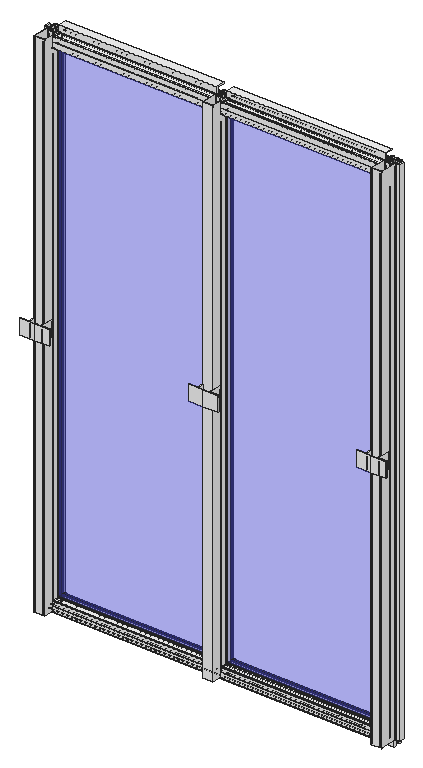
Revit family "Facade_60_Curtain_Wall_I21_Custom", category Windows, host Wall, Revit 2014
Parameters (values of type "F60-I21-Custom")
  Windload Design [instance] = if(Custom Windload < 1001 mm, 1000 mm, if(Custom Windload < 1501 mm, 1500 mm, 2000 mm))  # 1000 mm
  Width [instance] = if(Custom Curtain Wall Width < Limit Door Width Min, Limit Door Width Min, if(Custom Curtain Wall Width > Limit Door Width Max, Limit Door Width Max, Custom Curtain Wall Width))  # 2000 mm
  Wall Thickness [instance] = 200 mm
  Vertical Profile Length [instance] = Height - Frame Bottom Gap  # 2970 mm
  URL = "http://www.crealco.co.za/crealco-products.php"
  Type Comments = ""
  Top Profile Overhang = 5.9 mm  # constant formula
  Thermal Resistance (R) [instance] = if(IGDB or SAGDB Number = 100100, 1.0000 (m²·K)/W / Intruderprufe U Value, if(IGDB or SAGDB Number = 100100, 1.0000 (m²·K)/W / Intruderprufe U Value, if(IGDB or SAGDB Number = 105003, 1.0000 (m²·K)/W / Intruderprufe Insulated U Value, if(IGDB or SAGDB Number = 105004, 1.0000 (m²·K)/W / Intruderprufe Insulated LowE U Value, 1.0000 (m²·K)/W / 7.9)))) * 1  # 0.126582 (m²·K)/W
  Thermal Break Material = Plastic, Opaque Black
  Solar Heat Gain Coefficient [instance] = if(IGDB or SAGDB Number = 100100, Intruderprufe SHGC Value, if(IGDB or SAGDB Number = 103200, Intruderprufe LowE SHGC Value, if(IGDB or SAGDB Number = 105003, Intruderprufe Insulated SHGC Value, if(IGDB or SAGDB Number = 105004, Intruderprufe Insulated LowE SHGC Value, 0))))  # 0
  Single Glazing [instance] = if(DG Forced, 1 = 0, not(Double Glazing))  # no
  Sill Height = 85 mm  # constant formula
  SG Forced [instance] = not(DG Forced)  # no
  Quarter Expansion Break = no
  Overall Width [instance] = 2000 mm
  Overall Height [instance] = 3000 mm
  Mullion Side Gap [instance] = (Width / 2) - 30 mm  # 970 mm
  Mullion Configuration [instance] = if(Windload Design = 1000 mm, if(not(Height > 4990 mm), 1 mm, 2 mm), if(Windload Design = 1500 mm, if(not(Height > 4990 mm), if(Width > 2990 mm, 2 mm, 1 mm), 3 mm), if(not(Height > 4990 mm), if(Width > 1790 mm, 2 mm, 1 mm), 3 mm)))  # 1 mm
  Model = "Facade 60"
  Max System DG Unit Thickness = 25 mm  # constant formula
  Max System DG One Piece Thickness [instance] = rounddown((Max System DG Unit Thickness - DG Gasket Thickness) / 2 mm) * 1 mm  # 6 mm
  Max Pane Area [instance] = Glazing Width * Glazing Height  # 2.74704 m²
  Manufacturer = "Crealco"
  Limit Door Width Min = (2 * Limit Panel Width Min) + (2 * Glazing Side Gap) + 19.6 mm  # 699.2 mm
  Limit Door Width Max = (2 * Limit Panel Width Max) + (2 * Glazing Side Gap) + 19.6 mm  # 6099.2 mm
  Limit Door Height Min = Limit Panel Height Min + Glazing Top Gap + Glazing Bottom Gap  # 409.6 mm
  Limit Door Height Max = Limit Panel Height Max + Glazing Top Gap + Glazing Bottom Gap  # 6109.6 mm
  Limit Panel Width Min = 300 mm  # constant formula
  Limit Panel Width Max = 3000 mm  # constant formula
  Limit Panel Height Min = 300 mm  # constant formula
  Limit Panel Height Max = 6000 mm  # constant formula
  Sill Length [instance] = Width  # 2000 mm
  Length Sill [instance] = Width  # 2000 mm
  Keynote = ""
  Jamb Width = 60 mm  # constant formula
  Intruderprufe U Value = 0
  Intruderprufe SHGC Value = 0
  Intruderprufe LowE U Value = 0
  Intruderprufe LowE SHGC Value = 0
  Intruderprufe Insulated U Value = 0
  Intruderprufe Insulated SHGC Value = 0
  Intruderprufe Insulated LowE U Value = 0
  Intruderprufe Insulated LowE SHGC Value = 0
  Horizontal Profile Length [instance] = (Width - (2 * Jamb Width) - 60 mm) / 2  # 910 mm
  Half Expansion Break = no
  Glazing Width [instance] = Horizontal Profile Length + (2 mm * 20.2)  # 950.4 mm
  Glazing Top Gap = 39.8 mm  # constant formula
  Glazing Side Gap = 39.8 mm  # constant formula
  Glazing Height [instance] = Height - Glazing Top Gap - Glazing Bottom Gap  # 2890.4 mm
  Glazing Gap SG [instance] = (14 mm - SG Thickness) / 2  # 3.8 mm
  Glazing Gap DG [instance] = (28 mm - (DG Thickness + DG Thickness + DG Gasket Thickness)) / 2  # 3 mm
  Glazing Bottom Gap = 69.8 mm  # constant formula
  Frame Thickness = 101.8 mm  # constant formula
  Frame Bottom Gap = 30 mm  # constant formula
  Door Leaf Height [instance] = 2050 mm
  Double Glazing [instance] = yes
  DG Thickness Calc [instance] = if(not(Max Pane Area > 1.125 m²), 4 mm, if(not(Max Pane Area > 2.25 m²), 4 mm, if(not(Max Pane Area > 3.15 m²), 5 mm, if(not(Max Pane Area > 4.35 m²), 6 mm, if(not(Max Pane Area > 6.45 m²), 8 mm, 10 mm)))))  # 5 mm
  DG Thickness [instance] = if(IGDB or SAGDB Number = 105003, 6 mm, if(IGDB or SAGDB Number = 105004, 7 mm, if(DG Thickness Calc > Max System DG One Piece Thickness, Max System DG One Piece Thickness, DG Thickness Calc)))  # 5 mm
  DG Gasket Thickness = 12 mm  # constant formula
  DG Gasket Finish [instance] = Double Glazing Gasket Material
  DG Forced [instance] = if(IGDB or SAGDB Number = 100100, 1 = 0, if(IGDB or SAGDB Number = 103200, 1 = 0, if(IGDB or SAGDB Number = 105003, 1 = 1, if(IGDB or SAGDB Number = 105004, 1 = 1, Double Glazing))))  # yes
  IGDB or SAGDB Number [instance] = 0
  Height [instance] = if(Custom Curtain Wall Height < Limit Door Height Min, Limit Door Height Min, if(Custom Curtain Wall Height > Limit Door Height Max, Limit Door Height Max, Custom Curtain Wall Height))  # 3000 mm
  Heat Transfer Coefficient (U) [instance] = if(IGDB or SAGDB Number = 100100, Intruderprufe U Value, if(IGDB or SAGDB Number = 103200, Intruderprufe LowE U Value, if(IGDB or SAGDB Number = 105003, Intruderprufe Insulated U Value, if(IGDB or SAGDB Number = 105004, Intruderprufe Insulated LowE U Value, 7.9)))) * 1.0000 W/(m²·K)  # 7.9000 W/(m²·K)
  SG Thickness [instance] = if(IGDB or SAGDB Number = 100100, 6 mm, if(IGDB or SAGDB Number = 103200, 7 mm, if(not(Max Pane Area > 0.75 m²), 4 mm, if(not(Max Pane Area > 1.50 m²), 4 mm, if(not(Max Pane Area > 2.10 m²), 5 mm, if(not(Max Pane Area > 2.90 m²), 6.4 mm, if(not(Max Pane Area > 4.30 m²), 8 mm, 10 mm)))))))  # 6.4 mm
  Glazing Material [instance] = if(IGDB or SAGDB Number = 100100, "PFG INTRUDERPRUFE 6.38mm", if(IGDB or SAGDB Number = 103200, "PFG INTRUDERPRUFE LOW-E 7.38mm", if(IGDB or SAGDB Number = 105003, "PFG 25mm INTRUDERPRUFE INSULATED GLASS", if(IGDB or SAGDB Number = 105004, "PFG 25mm INTRUDERPRUFE INSULATED GLASS LOW-E", "Unknown"))))  # "Unknown"
  Glazing Finish [instance] = Glass
  Glazing Code [instance] = if(IGDB or SAGDB Number = 100100, "LAM01", if(IGDB or SAGDB Number = 103200, "LAM01E", if(IGDB or SAGDB Number = 105003, "IGU25", if(IGDB or SAGDB Number = 105004, "IGU25E", "Unknown"))))  # "Unknown"
  Frame Offset [instance] = if([100mm Mullion], 130 mm, if([160mm Mullion], 160 mm, 190 mm))  # 130 mm
  Description = "Curtain Wall, I21"
  Default Sill Height = 0 mm
  Wall Closure = By host
  Custom Curtain Wall Width [instance] = 2000 mm
  Custom Curtain Wall Height [instance] = 3000 mm
  Custom Windload [instance] = 1000 mm
  Custom Anchor Height [instance] = 0 mm
  Anchor Height [instance] = if(or(Custom Anchor Height < 42.5 mm, Custom Anchor Height > (Height - 42.5 mm)), (Height / 2) - 42.5 mm, Custom Anchor Height - 42.5 mm)  # 1457.5 mm
  Aluminium Finish [instance] = White Powder Coated Aluminium ANP 1052
  All Available Glazing Numbers [instance] = "The rows below list the available glazing materials for this window:"  # constant formula
  190mm Mullion [instance] = if(Mullion Configuration = 3 mm, 1 = 1, 1 = 0)  # no
  160mm Mullion [instance] = if(Mullion Configuration = 2 mm, 1 = 1, 1 = 0)  # no
  105004 [instance] = "IGU25E"  # constant formula
  105003 [instance] = "IGU25"  # constant formula
  103200 [instance] = "LAM01E"  # constant formula
  100mm Mullion [instance] = if(or(Mullion Configuration = 2 mm, Mullion Configuration = 3 mm), 1 = 0, 1 = 1)  # yes
  100100 [instance] = "LAM01"  # constant formula
Reference planes
  plane 1 "Center (Front/Back)": y = 0
  plane 2 "Center (Left/Right)": x = 0
  plane 3 "Left": x = -1000
  plane 4 "Right": x = 1000
  plane 5 "Sill": z = 0
  plane 6 "Head": z = 3000
  plane 7 "Exterior": y = 100
  plane 8 "Interior": y = -100
Lines and regions (mm)
  Opening 1
    outline origin (3507.082, -100, 0) x (1, 0, 0) y (0, 0, 1)
      loop
        line (-2507.082, 0) -> (-2507.082, 3000) -> (-4507.082, 3000) -> (-4507.082, 0) -> (-2507.082, 0)
Text (mm)
  text "EXTERIOR" at (-1963.203, 1332.353, 0), in view "Ref. Level"
  text "INTERIOR" at (-1981.466, -818.386, 0), in view "Ref. Level"
  text "Exterior" at (0, 923.751, 2943.296), in view "Right"
  text "Exterior" at (0, 1040.484, 2685.409), in view "Left"
Dimensions and locks
  equal spacing: plane 3 "Left", plane 2 "Center (Left/Right)", plane 4 "Right"
  "Width": plane 3 "Left" to plane 4 "Right"
  "Height": plane 5 "Sill" to plane 6 "Head"
  "Default Sill Height": plane 5 "Sill" to level
  locked: plane 7 "Exterior" to host wall at 0
  locked: plane 8 "Interior" to host wall
  "Overall Height": plane 6 "Head" to plane 5 "Sill"
  "Overall Width": plane 3 "Left" to plane 4 "Right"
  "Wall Thickness": host wall to host wall
  "Jamb Width": nested 3 to plane 4 "Right"
  "Jamb Width": nested 5 to plane 4 "Right"
  "Frame Bottom Gap": nested 5 to level
  "Glazing Side Gap": nested 6 to plane 4 "Right"
  "Glazing Top Gap": nested 6 to plane 6 "Head"
  "Glazing Gap SG": nested 6 to nested 1
  "Glazing Side Gap": nested 7 to plane 4 "Right"
  "Glazing Top Gap": nested 7 to plane 6 "Head"
  "Glazing Gap DG": nested 7 to nested 1
  "Mullion Side Gap": nested 8 to plane 4 "Right"
  "Frame Bottom Gap": nested 8 to level
  "Jamb Width": plane 3 "Left" to nested 10
  "Jamb Width": plane 3 "Left" to nested 9
  "Glazing Side Gap": plane 3 "Left" to nested 11
  "Glazing Side Gap": plane 3 "Left" to nested 12
  "Glazing Gap SG": nested 2 to nested 12
  "Glazing Gap DG": nested 2 to nested 11
  "Glazing Bottom Gap": nested 11 to level
  "Glazing Bottom Gap": nested 12 to level
  "Frame Bottom Gap": nested 9 to level
  "Frame Offset": plane 8 "Interior" to nested 1
  "Anchor Height": nested 13 to level
  "Anchor Height": nested 15 to level
  "Anchor Height": nested 14 to level
  aligned and locked: plane 4 "Right" to nested 1
  aligned and locked: nested 1 to plane 6 "Head"
  aligned and locked: plane 3 "Left" to nested 2
  aligned and locked: plane 6 "Head" to nested 2
  aligned and locked: nested 3 to plane 6 "Head"
  aligned and locked: nested 4 to level
  aligned and locked: plane 4 "Right" to nested 4
  aligned and locked: nested 1 to nested 2
  aligned and locked: nested 5 to nested 4
  aligned and locked: nested 8 to nested 2
  aligned and locked: nested 10 to plane 6 "Head"
  aligned and locked: nested 5 to nested 10
  aligned and locked: nested 5 to nested 9
  aligned and locked: nested 10 to nested 3
  aligned and locked: nested 10 to nested 2
  aligned and locked: nested 1 to nested 14
  aligned and locked: plane 8 "Interior" to nested 14
  aligned and locked: plane 8 "Interior" to nested 15
  aligned and locked: nested 15 to nested 8
  aligned and locked: nested 13 to nested 2
  aligned and locked: plane 8 "Interior" to nested 13
Automatic sketch dimensions
  plane 3 "Left" to Opening 1 sketch curve = 0 mm
  plane 4 "Right" to Opening 1 sketch curve = 0 mm
  Opening 1 sketch curve to plane 5 "Sill" = 0 mm
  Opening 1 sketch curve to plane 6 "Head" = 0 mm
Nested families
  nested 1: "F60 Vertical Profile Side_I21_Cust" at (1000, 35.2, 30) x (-1, 0, 0) z (0, 0, 1), Thermal Break Material <- "Thermal Break Material", Profile Material <- "Aluminium Finish", Length <- "Vertical Profile Length", Single Glazing <- "SG Forced", Double Glazing <- "DG Forced", 100mm Mullion <- "100mm Mullion", 160mm Mullion <- "160mm Mullion", 190mm Mullion <- "190mm Mullion", Quarter Expansion Break <- "Quarter Expansion Break", Half Expansion Break <- "Half Expansion Break", type "F60 Vertical Profile Side_I21_Cust"
    with Thermal Break Material Plastic, Opaque Black, Single Glazing no, Quarter SG Expansion Break no, Quarter Length 742.5 mm, Quarter Expansion Break no, Quarter DG Expansion Break no, Quarter 190mm Expansion Break no, Quarter 160mm Expansion Break no, Quarter 100mm Expansion Break no, Profile Material White Powder Coated Aluminium ANP 1052, Length 2970 mm, Half SG Expansion Break no, Half Length 1485 mm, Half Expansion Break no, Half DG Expansion Break no, Half 190mm Expansion Joint no, Half 160mm Expansion Break no, Half 100mm Expansion Break no, Double Glazing yes, 190mm Mullion no, 160mm Mullion no, 100mm Mullion yes
  nested 2: "F60 Vertical Profile Side_I21_Cust" at (-1000, 35.2, 30), Thermal Break Material <- "Thermal Break Material", Profile Material <- "Aluminium Finish", Length <- "Vertical Profile Length", Single Glazing <- "SG Forced", Double Glazing <- "DG Forced", 100mm Mullion <- "100mm Mullion", 160mm Mullion <- "160mm Mullion", 190mm Mullion <- "190mm Mullion", Quarter Expansion Break <- "Quarter Expansion Break", Half Expansion Break <- "Half Expansion Break", type "F60 Vertical Profile Side_I21_Cust"
    with Thermal Break Material Plastic, Opaque Black, Single Glazing no, Quarter SG Expansion Break no, Quarter Length 742.5 mm, Quarter Expansion Break no, Quarter DG Expansion Break no, Quarter 190mm Expansion Break no, Quarter 160mm Expansion Break no, Quarter 100mm Expansion Break no, Profile Material White Powder Coated Aluminium ANP 1052, Length 2970 mm, Half SG Expansion Break no, Half Length 1485 mm, Half Expansion Break no, Half DG Expansion Break no, Half 190mm Expansion Joint no, Half 160mm Expansion Break no, Half 100mm Expansion Break no, Double Glazing yes, 190mm Mullion no, 160mm Mullion no, 100mm Mullion yes
  nested 3: "F60 Horizontal Profile Top_I21_Cust" at (940, -14.6, 2940) x (-1, 0, 0) z (0, 0, 1), Thermal Break Material <- "Thermal Break Material", Profile Material <- "Aluminium Finish", Length <- "Horizontal Profile Length", Single Glazing <- "SG Forced", Double Glazing <- "DG Forced", type "F60 Horizontal Profile Top_I21_Cust"
    with Thermal Break Material Plastic, Opaque Black, Single Glazing no, Profile Material White Powder Coated Aluminium ANP 1052, Length 910 mm, Double Glazing yes
  nested 4: "F60 Sill_I21_Cust" at (1000, 22.771, -1.88) x (-1, 0, 0) z (0, 0, 1), Profile Material <- "Aluminium Finish", Length Sill <- "Length Sill", type "F60 Sill_I21_Cust"
    with Profile Material White Powder Coated Aluminium ANP 1052, Length Sill 2000 mm
  nested 5: "F60 Horizontal Profile Bottom_I21_Cust" at (940, -14.6, 30) x (-1, 0, 0) z (0, 0, 1), Thermal Break Material <- "Thermal Break Material", Profile Material <- "Aluminium Finish", Length <- "Horizontal Profile Length", Single Glazing <- "SG Forced", Double Glazing <- "DG Forced", type "F60 Horizontal Profile Bottom_I21_Cust"
    with Thermal Break Material Plastic, Opaque Black, Single Glazing no, Profile Material White Powder Coated Aluminium ANP 1052, Length 910 mm, Double Glazing yes
  nested 6: "F60_Single_Glazing_I21_Cust" at (960.2, 45.4, 69.8), Glazing Width <- "Glazing Width", Glazing Height <- "Glazing Height", SG Thickness <- "SG Thickness", Glazing Finish <- "Glazing Finish", visible <- "SG Forced", type "F60_Single_Glazing_I21_Cust"
    with SG Thickness 6.4 mm, Glazing Width 950.4 mm, Glazing Height 2890.4 mm, Glazing Finish Glass
  nested 7: "F60_Double_Glazing_I21_Cust" at (960.2, 60.2, 69.8), Glazing Material <- "Glazing Finish", Double Glazing Gasket Material <- "DG Gasket Finish", Glazing Width <- "Glazing Width", Glazing Height <- "Glazing Height", Glazing Thickness DG <- "DG Thickness", Double Glazing Gasket Thickness <- "DG Gasket Thickness", visible <- "DG Forced", type "F60_Double_Glazing_I21_Cust"
    with Glazing Width 950.4 mm, Glazing Thickness DG 5 mm, Glazing Material Glass, Glazing Height 2890.4 mm, Double Glazing Gasket Thickness 12 mm, Double Glazing Gasket Material Double Glazing Gasket Material
  nested 8: "F60 Vertical Profile Middle_I21_Cust" at (30, 35.2, 30) x (-1, 0, 0) z (0, 0, 1), Thermal Break Material <- "Thermal Break Material", Profile Material <- "Aluminium Finish", Single Glazing <- "SG Forced", Double Glazing <- "DG Forced", 190mm Mullion <- "190mm Mullion", 160mm Mullion <- "160mm Mullion", 100mm Mullion <- "100mm Mullion", Length <- "Vertical Profile Length", Half Expansion Break <- "Half Expansion Break", Quarter Expansion Break <- "Quarter Expansion Break", type "F60 Vertical Profile Middle_I21_Cust"
    with Thermal Break Material Plastic, Opaque Black, Single Glazing no, Quarter SG Expansion Break no, Quarter Length 742.5 mm, Quarter Expansion Break no, Quarter DG Expansion Break no, Quarter 190mm Expansion Break no, Quarter 160mm Expansion Break no, Quarter 100mm Expansion Break no, Profile Material White Powder Coated Aluminium ANP 1052, Length 2970 mm, Half SG Expansion Break no, Half Length 1485 mm, Half Expansion Break no, Half DG Expansion Break no, Half 190mm Expansion Joint no, Half 160mm Expansion Break no, Half 100mm Expansion Break no, Double Glazing yes, 190mm Mullion no, 160mm Mullion no, 100mm Mullion yes
  nested 9: "F60 Horizontal Profile Bottom_I21_Cust" at (-30, -14.6, 30) x (-1, 0, 0) z (0, 0, 1), Thermal Break Material <- "Thermal Break Material", Profile Material <- "Aluminium Finish", Length <- "Horizontal Profile Length", Single Glazing <- "SG Forced", Double Glazing <- "DG Forced", type "F60 Horizontal Profile Bottom_I21_Cust"
    with Thermal Break Material Plastic, Opaque Black, Single Glazing no, Profile Material White Powder Coated Aluminium ANP 1052, Length 910 mm, Double Glazing yes
  nested 10: "F60 Horizontal Profile Top_I21_Cust" at (-30, -14.6, 2940) x (-1, 0, 0) z (0, 0, 1), Thermal Break Material <- "Thermal Break Material", Profile Material <- "Aluminium Finish", Length <- "Horizontal Profile Length", Single Glazing <- "SG Forced", Double Glazing <- "DG Forced", type "F60 Horizontal Profile Top_I21_Cust"
    with Thermal Break Material Plastic, Opaque Black, Single Glazing no, Profile Material White Powder Coated Aluminium ANP 1052, Length 910 mm, Double Glazing yes
  nested 11: "F60_Double_Glazing_I21_Cust" at (-9.8, 60.2, 69.8), Glazing Material <- "Glazing Finish", Double Glazing Gasket Material <- "DG Gasket Finish", Glazing Width <- "Glazing Width", Glazing Height <- "Glazing Height", Glazing Thickness DG <- "DG Thickness", Double Glazing Gasket Thickness <- "DG Gasket Thickness", visible <- "DG Forced", type "F60_Double_Glazing_I21_Cust"
    with Glazing Width 950.4 mm, Glazing Thickness DG 5 mm, Glazing Material Glass, Glazing Height 2890.4 mm, Double Glazing Gasket Thickness 12 mm, Double Glazing Gasket Material Double Glazing Gasket Material
  nested 12: "F60_Single_Glazing_I21_Cust" at (-9.8, 45.4, 69.8), Glazing Width <- "Glazing Width", Glazing Height <- "Glazing Height", SG Thickness <- "SG Thickness", Glazing Finish <- "Glazing Finish", visible <- "SG Forced", type "F60_Single_Glazing_I21_Cust"
    with SG Thickness 6.4 mm, Glazing Width 950.4 mm, Glazing Height 2890.4 mm, Glazing Finish Glass
  nested 13: "F60 Intermediate Anchor_I21_Cust" at (-1077.715, -189.531, 1457.5), Profile Material <- "Aluminium Finish", type "F60 Intermediate Anchor_I21_Cust"
    with Profile Material White Powder Coated Aluminium ANP 1052
  nested 14: "F60 Intermediate Anchor_I21_Cust" at (860.297, -189.531, 1457.5), Profile Material <- "Aluminium Finish", type "F60 Intermediate Anchor_I21_Cust"
    with Profile Material White Powder Coated Aluminium ANP 1052
  nested 15: "F60 Intermediate Anchor_I21_Cust" at (-107.715, -189.531, 1457.5), Profile Material <- "Aluminium Finish", type "F60 Intermediate Anchor_I21_Cust"
    with Profile Material White Powder Coated Aluminium ANP 1052
Definition of nested family "F60 Vertical Profile Side_I21_Cust"
  Parameters (values of type "F60 Vertical Profile Side")
    Quarter SG Expansion Break [instance] = if(and(Quarter Expansion Break, Single Glazing), 1 = 1, 1 = 0)  # yes
    Quarter Length [instance] = Length / 4  # 62.5 mm
    Thermal Break Material [instance] = none
    Single Glazing [instance] = yes
    Quarter Expansion Break [instance] = yes
    Quarter DG Expansion Break [instance] = if(and(Quarter Expansion Break, Double Glazing), 1 = 1, 1 = 0)  # yes
    Quarter 190mm Expansion Break [instance] = if(and(Quarter Expansion Break, [190mm Mullion]), 1 = 1, 1 = 0)  # yes
    Quarter 160mm Expansion Break [instance] = if(and(Quarter Expansion Break, [160mm Mullion]), 1 = 1, 1 = 0)  # yes
    Quarter 100mm Expansion Break [instance] = if(and(Quarter Expansion Break, [100mm Mullion]), 1 = 1, 1 = 0)  # yes
    Profile Material [instance] = none
    Length [instance] = 250 mm
    Half SG Expansion Break [instance] = if(and(Half Expansion Break, Single Glazing), 1 = 1, 1 = 0)  # yes
    Half Length [instance] = Length / 2  # 125 mm
    Half Expansion Break [instance] = yes
    Half DG Expansion Break [instance] = if(and(Half Expansion Break, Double Glazing), 1 = 1, 1 = 0)  # yes
    Half 190mm Expansion Joint [instance] = if(and(Half Expansion Break, [190mm Mullion]), 1 = 1, 1 = 0)  # yes
    Half 160mm Expansion Break [instance] = if(and(Half Expansion Break, [160mm Mullion]), 1 = 1, 1 = 0)  # yes
    Half 100mm Expansion Break [instance] = if(and(Half Expansion Break, [100mm Mullion]), 1 = 1, 1 = 0)  # yes
    Double Glazing [instance] = yes
    190mm Mullion [instance] = yes
    160mm Mullion [instance] = yes
    100mm Mullion [instance] = yes
  Reference planes
    plane 1 "Center (Front/Back)": y = 0
    plane 2: z = 0
    plane 3 "Center (Left/Right)": x = 0
  Forms (mm)
    Extrusion 1, solid, material <- "Profile Material"
      sketch origin (0, 0, 0) x (1, 0, 0) y (0, 1, 0)
        loop
          arc (25.249, -8.7) -> (25.484, -9.266) -> (26.049, -9.5) r 0.8
          line (26.049, -9.5) -> (27.1, -9.5) -> (27.1, 7) -> (32.902, 7) -> (32.902, -9.5) -> (33.951, -9.5)
          arc (33.951, -9.5) -> (34.516, -9.266) -> (34.751, -8.7) r 0.8
          line (34.751, -8.7) -> (34.751, 6.2)
          arc (34.751, 6.2) -> (34.985, 6.766) -> (35.551, 7) r 0.8
          line (35.551, 7) -> (52.1, 7) -> (52.1, 5.4) -> (50.55, 5.4) -> (50.55, 4.55)
          arc (50.55, 4.55) -> (50.726, 4.126) -> (51.15, 3.95) r 0.6
          line (51.15, 3.95) -> (52.1, 3.95) -> (52.1, 1)
          arc (52.1, 1) -> (51.6, 0.5) -> (52.1, 0) r 0.5
          line (52.1, 0) -> (54.45, 0) -> (54.45, 1.15) -> (53.3, 1.15) -> (53.3, 2.45) -> (58.8, 2.45) -> (58.8, 1.15) -> (57.65, 1.15) -> (57.65, 0) -> (59.5, 0)
          arc (59.5, 0) -> (59.854, 0.146) -> (60, 0.5) r 0.5
          line (60, 0.5) -> (60, 3.9) -> (53.55, 3.9) -> (53.55, 7.6)
          arc (53.55, 7.6) -> (53.316, 8.166) -> (52.75, 8.4) r 0.8
          line (52.75, 8.4) -> (30, 8.4) -> (7.25, 8.4)
          arc (7.25, 8.4) -> (6.684, 8.166) -> (6.45, 7.6) r 0.8
          line (6.45, 7.6) -> (6.45, 3.9) -> (0, 3.9) -> (0, 0.5)
          arc (0, 0.5) -> (0.146, 0.146) -> (0.5, 0) r 0.5
          line (0.5, 0) -> (2.35, 0) -> (2.35, 1.15) -> (1.2, 1.15) -> (1.2, 2.45) -> (6.7, 2.45) -> (6.7, 1.15) -> (5.55, 1.15) -> (5.55, 0) -> (7.9, 0)
          arc (7.9, 0) -> (8.4, 0.5) -> (7.9, 1) r 0.5
          line (7.9, 1) -> (7.9, 3.95) -> (8.85, 3.95)
          arc (8.85, 3.95) -> (9.274, 4.126) -> (9.45, 4.55) r 0.6
          line (9.45, 4.55) -> (9.45, 5.4) -> (7.9, 5.4) -> (7.9, 7) -> (24.449, 7)
          arc (24.449, 7) -> (25.015, 6.766) -> (25.249, 6.2) r 0.8
          line (25.249, 6.2) -> (25.249, -8.7)
      from 0 to 250 <- "Length"
    Extrusion 2, solid, material <- "Thermal Break Material"
      sketch origin (0, 0, 0) x (1, 0, 0) y (0, 1, 0)
        loop
          line (1.75, 9.8) -> (1.75, 5.2) -> (0, 5.2) -> (0, 3.9) -> (6.35, 3.9) -> (6.35, 7.856)
          arc (6.35, 7.856) -> (6.526, 8.281) -> (6.95, 8.456) r 0.6
          line (6.95, 8.456) -> (30, 8.456) -> (53.05, 8.456)
          arc (53.05, 8.456) -> (53.474, 8.281) -> (53.65, 7.856) r 0.6
          line (53.65, 7.856) -> (53.65, 3.9) -> (60, 3.9) -> (60, 5.2) -> (58.25, 5.2) -> (58.25, 9.8) -> (30, 9.8) -> (1.75, 9.8)
      from 0 to 250 <- "Length"
    Extrusion 3, solid, material <- "Thermal Break Material", visible <- "Single Glazing"
      sketch origin (0, 0, 0) x (1, 0, 0) y (0, 1, 0)
        loop
          line (25.749, -14.011) -> (27.672, -14.011) -> (28.481, -12.611) -> (31.518, -12.611) -> (32.327, -14.011) -> (34.249, -14.011)
          arc (34.249, -14.011) -> (34.603, -13.864) -> (34.749, -13.511) r 0.5
          line (34.749, -13.511) -> (34.749, -10.011)
          arc (34.749, -10.011) -> (34.603, -9.657) -> (34.249, -9.511) r 0.5
          line (34.249, -9.511) -> (32.352, -9.511) -> (32.352, 0.19) -> (31.349, 2.261)
          arc (31.349, 2.261) -> (29.999, 2.986) -> (28.649, 2.261) r 1.62
          line (28.649, 2.261) -> (27.647, 0.19) -> (27.647, -9.511) -> (25.749, -9.511)
          arc (25.749, -9.511) -> (25.396, -9.657) -> (25.249, -10.011) r 0.5
          line (25.249, -10.011) -> (25.249, -13.511)
          arc (25.249, -13.511) -> (25.396, -13.864) -> (25.749, -14.011) r 0.5
        loop
          line (28.504, -10.005) -> (28.504, -10.861)
          arc (28.504, -10.861) -> (28.651, -11.214) -> (29.004, -11.361) r 0.5
          line (29.004, -11.361) -> (30.994, -11.361)
          arc (30.994, -11.361) -> (31.348, -11.214) -> (31.494, -10.861) r 0.5
          line (31.494, -10.861) -> (31.494, -10.005) -> (30.708, -9.219)
          arc (30.708, -9.219) -> (30.383, -9.001) -> (29.999, -8.924) r 1.007
          arc (29.999, -8.924) -> (29.616, -8.999) -> (29.292, -9.217) r 0.986
          line (29.292, -9.217) -> (28.504, -10.005)
        loop
          arc (30.896, 1.935) -> (29.887, 2.44) -> (29.005, 1.735) r 1.047
          line (29.005, 1.735) -> (28.347, 0.374) -> (28.347, -6.993)
          arc (28.347, -6.993) -> (28.583, -7.417) -> (29.068, -7.441) r 0.5
          arc (29.068, -7.441) -> (29.999, -7.223) -> (30.93, -7.441) r 2.099
          arc (30.93, -7.441) -> (31.416, -7.417) -> (31.652, -6.993) r 0.5
          line (31.652, -6.993) -> (31.652, 0.374) -> (30.896, 1.935)
      from 0 to 250 <- "Length"
    Extrusion 4, solid, material <- "Profile Material", visible <- "Single Glazing"
      sketch origin (0, 0, 0) x (1, 0, 0) y (0, 1, 0)
        loop
          line (52.693, -14.011) -> (32.327, -14.011) -> (31.519, -12.611) -> (28.481, -12.611) -> (27.673, -14.011) -> (7.307, -14.011) -> (7.307, -15.011) -> (8.457, -15.011) -> (8.457, -16.261) -> (2.957, -16.261) -> (2.957, -15.011) -> (4.107, -15.011) -> (4.107, -14.011) -> (1.707, -14.011)
          arc (1.707, -14.011) -> (1.199, -14.293) -> (1.168, -14.873) r 0.6
          line (1.168, -14.873) -> (2.093, -16.772) -> (1.015, -17.298) -> (1.484, -18.261) -> (11.488, -18.261)
          arc (11.488, -18.261) -> (11.913, -18.085) -> (12.088, -17.661) r 0.6
          line (12.088, -17.661) -> (12.088, -16.811) -> (47.912, -16.811) -> (47.912, -17.661)
          arc (47.912, -17.661) -> (48.088, -18.085) -> (48.512, -18.261) r 0.6
          line (48.512, -18.261) -> (58.518, -18.261) -> (58.987, -17.298) -> (57.908, -16.772) -> (58.834, -14.874)
          arc (58.834, -14.874) -> (58.802, -14.293) -> (58.293, -14.011) r 0.6
          line (58.293, -14.011) -> (55.893, -14.011) -> (55.893, -15.011) -> (57.043, -15.011) -> (57.043, -16.261) -> (51.543, -16.261) -> (51.543, -15.011) -> (52.693, -15.011) -> (52.693, -14.011)
      from 0 to 250 <- "Length"
    Extrusion 5, solid, material <- "Profile Material", visible <- "Single Glazing"
      sketch origin (0, 0, 0) x (1, 0, 0) y (0, 1, 0)
        loop
          line (2.801, -18.261) -> (1.484, -18.261) -> (1.015, -17.298) -> (2.093, -16.772) -> (0.779, -14.076)
          arc (0.779, -14.076) -> (0.239, -14.21) -> (0.001, -14.713) r 0.65
          line (0.001, -14.713) -> (0.001, -28.068)
          arc (0.001, -28.068) -> (1.172, -30.897) -> (4.001, -32.068) r 4
          line (4.001, -32.068) -> (30.001, -32.068) -> (56.001, -32.068)
          arc (56.001, -32.068) -> (58.829, -30.897) -> (60.001, -28.068) r 4
          line (60.001, -28.068) -> (60.001, -14.713)
          arc (60.001, -14.713) -> (59.763, -14.21) -> (59.223, -14.076) r 0.65
          line (59.223, -14.076) -> (57.908, -16.772) -> (58.987, -17.298) -> (58.518, -18.261) -> (57.201, -18.261)
          arc (57.201, -18.261) -> (56.83, -18.425) -> (56.703, -18.811) r 0.5
          arc (56.703, -18.811) -> (56.83, -19.196) -> (57.201, -19.361) r 0.5
          line (57.201, -19.361) -> (58.951, -19.361) -> (58.951, -27.968)
          arc (58.951, -27.968) -> (58.131, -29.948) -> (56.151, -30.768) r 2.8
          line (56.151, -30.768) -> (30.001, -30.768) -> (3.851, -30.768)
          arc (3.851, -30.768) -> (1.871, -29.948) -> (1.051, -27.968) r 2.8
          line (1.051, -27.968) -> (1.051, -19.361) -> (2.801, -19.361)
          arc (2.801, -19.361) -> (3.172, -19.196) -> (3.298, -18.811) r 0.5
          arc (3.298, -18.811) -> (3.172, -18.425) -> (2.801, -18.261) r 0.5
      from 0 to 250 <- "Length"
    Extrusion 6, solid, material <- "Profile Material", visible <- "100mm Mullion"
      sketch origin (0, 0, 0) x (1, 0, 0) y (0, 1, 0)
        loop
          line (14.02, 13) -> (45.98, 13)
          arc (45.98, 13) -> (46.539, 12.842) -> (46.917, 12.4) r 1
          arc (46.917, 12.4) -> (47.285, 11.963) -> (47.833, 11.8) r 1
          line (47.833, 11.8) -> (58.15, 11.8) -> (58.15, 96.3) -> (47.833, 96.3)
          arc (47.833, 96.3) -> (47.285, 96.137) -> (46.917, 95.7) r 1
          arc (46.917, 95.7) -> (46.548, 95.263) -> (46, 95.1) r 1
          line (46, 95.1) -> (14, 95.1)
          arc (14, 95.1) -> (13.452, 95.263) -> (13.083, 95.7) r 1
          arc (13.083, 95.7) -> (12.715, 96.137) -> (12.167, 96.3) r 1
          line (12.167, 96.3) -> (1.85, 96.3) -> (1.85, 11.8) -> (12.167, 11.8)
          arc (12.167, 11.8) -> (12.715, 11.963) -> (13.083, 12.4) r 1
          arc (13.083, 12.4) -> (13.461, 12.842) -> (14.02, 13) r 1
        loop
          line (1.65, 9.856) -> (58.35, 9.856) -> (58.35, 5.2) -> (60, 5.2) -> (60, 98.8)
          arc (60, 98.8) -> (59.707, 99.507) -> (59, 99.8) r 1
          line (59, 99.8) -> (1, 99.8)
          arc (1, 99.8) -> (0.293, 99.507) -> (0, 98.8) r 1
          line (0, 98.8) -> (0, 5.2) -> (1.65, 5.2) -> (1.65, 9.856)
      from 0 to 250 <- "Length"
    Extrusion 7, solid, material <- "Profile Material", visible <- "160mm Mullion"
      sketch origin (0, 0, 0) x (1, 0, 0) y (0, 1, 0)
        loop
          arc (2.35, 15.6) -> (2.526, 15.176) -> (2.95, 15) r 0.6
          line (2.95, 15) -> (57.05, 15)
          arc (57.05, 15) -> (57.474, 15.176) -> (57.65, 15.6) r 0.6
          line (57.65, 15.6) -> (57.65, 153.7)
          arc (57.65, 153.7) -> (57.474, 154.124) -> (57.05, 154.3) r 0.6
          line (57.05, 154.3) -> (47.833, 154.3)
          arc (47.833, 154.3) -> (47.285, 154.137) -> (46.917, 153.7) r 1
          arc (46.917, 153.7) -> (46.548, 153.263) -> (46, 153.1) r 1
          line (46, 153.1) -> (14, 153.1)
          arc (14, 153.1) -> (13.452, 153.263) -> (13.083, 153.7) r 1
          arc (13.083, 153.7) -> (12.715, 154.137) -> (12.167, 154.3) r 1
          line (12.167, 154.3) -> (2.95, 154.3)
          arc (2.95, 154.3) -> (2.526, 154.124) -> (2.35, 153.7) r 0.6
          line (2.35, 153.7) -> (2.35, 15.6)
        loop
          arc (1, 159.8) -> (0.293, 159.507) -> (0, 158.8) r 1
          line (0, 158.8) -> (0, 5.2) -> (1.65, 5.2) -> (1.65, 10.013) -> (58.35, 10.013) -> (58.35, 5.2) -> (60, 5.2) -> (60, 158.8)
          arc (60, 158.8) -> (59.707, 159.507) -> (59, 159.8) r 1
          line (59, 159.8) -> (1, 159.8)
      from 0 to 250 <- "Length"
    Extrusion 8, solid, material <- "Profile Material", visible <- "190mm Mullion"
      sketch origin (0, 0, 0) x (1, 0, 0) y (0, 1, 0)
        loop
          line (57.25, 15.1) -> (57.25, 178.3)
          arc (57.25, 178.3) -> (56.957, 179.007) -> (56.25, 179.3) r 1
          line (56.25, 179.3) -> (3.75, 179.3)
          arc (3.75, 179.3) -> (3.043, 179.007) -> (2.75, 178.3) r 1
          line (2.75, 178.3) -> (2.75, 15.1)
          arc (2.75, 15.1) -> (2.984, 14.534) -> (3.55, 14.3) r 0.8
          line (3.55, 14.3) -> (56.45, 14.3)
          arc (56.45, 14.3) -> (57.016, 14.534) -> (57.25, 15.1) r 0.8
        loop
          line (60, 5.2) -> (60, 188.8)
          arc (60, 188.8) -> (59.707, 189.507) -> (59, 189.8) r 1
          line (59, 189.8) -> (1, 189.8)
          arc (1, 189.8) -> (0.293, 189.507) -> (0, 188.8) r 1
          line (0, 188.8) -> (0, 5.2) -> (1.65, 5.2) -> (1.65, 9.856) -> (58.35, 9.856) -> (58.35, 5.2) -> (60, 5.2)
      from 0 to 250 <- "Length"
    Extrusion 9, solid, material <- "Thermal Break Material", visible <- "Double Glazing"
      sketch origin (0, 0, 0) x (1, 0, 0) y (0, 1, 0)
        loop
          line (27.672, -28) -> (28.48, -26.6) -> (31.518, -26.6) -> (32.326, -28) -> (34.249, -28)
          arc (34.249, -28) -> (34.603, -27.854) -> (34.749, -27.5) r 0.5
          line (34.749, -27.5) -> (34.749, -10)
          arc (34.749, -10) -> (34.603, -9.646) -> (34.249, -9.5) r 0.5
          line (34.249, -9.5) -> (32.352, -9.5) -> (32.352, 0.198) -> (31.348, 2.272)
          arc (31.348, 2.272) -> (29.998, 2.997) -> (28.648, 2.272) r 1.62
          line (28.648, 2.272) -> (27.645, 0.201) -> (27.645, -9.5) -> (25.749, -9.5)
          arc (25.749, -9.5) -> (25.396, -9.646) -> (25.249, -10) r 0.5
          line (25.249, -10) -> (25.249, -27.5)
          arc (25.249, -27.5) -> (25.396, -27.854) -> (25.749, -28) r 0.5
          line (25.749, -28) -> (27.672, -28)
        loop
          arc (30.706, -9.206) -> (30.382, -8.99) -> (29.999, -8.913) r 1.007
          arc (29.999, -8.913) -> (29.616, -8.988) -> (29.292, -9.206) r 0.986
          line (29.292, -9.206) -> (27.142, -11.356)
          arc (27.142, -11.356) -> (26.926, -11.68) -> (26.849, -12.063) r 1
          line (26.849, -12.063) -> (26.849, -24)
          arc (26.849, -24) -> (27.142, -24.707) -> (27.849, -25) r 1
          line (27.849, -25) -> (32.149, -25)
          arc (32.149, -25) -> (32.856, -24.707) -> (33.149, -24) r 1
          line (33.149, -24) -> (33.149, -12.063)
          arc (33.149, -12.063) -> (33.073, -11.68) -> (32.856, -11.356) r 1
          line (32.856, -11.356) -> (30.706, -9.206)
        loop
          arc (28.345, -6.982) -> (28.581, -7.407) -> (29.067, -7.43) r 0.5
          arc (29.067, -7.43) -> (29.998, -7.213) -> (30.929, -7.43) r 2.099
          arc (30.929, -7.43) -> (31.414, -7.407) -> (31.651, -6.982) r 0.5
          line (31.651, -6.982) -> (31.651, 0.385) -> (30.895, 1.946)
          arc (30.895, 1.946) -> (29.885, 2.45) -> (29.004, 1.745) r 1.047
          line (29.004, 1.745) -> (28.345, 0.385) -> (28.345, -6.982)
      from 0 to 250 <- "Length"
    Extrusion 10, solid, material <- "Profile Material", visible <- "Double Glazing"
      sketch origin (0, 0, 0) x (1, 0, 0) y (0, 1, 0)
        loop
          line (52.692, -28) -> (32.327, -28) -> (31.518, -26.6) -> (28.48, -26.6) -> (27.672, -28) -> (7.306, -28) -> (7.306, -29) -> (8.456, -29) -> (8.456, -30.25) -> (2.956, -30.25) -> (2.956, -29) -> (4.106, -29) -> (4.106, -28) -> (1.706, -28)
          arc (1.706, -28) -> (1.198, -28.282) -> (1.167, -28.863) r 0.6
          line (1.167, -28.863) -> (2.093, -30.762) -> (1.014, -31.288) -> (1.483, -32.25) -> (11.488, -32.25)
          arc (11.488, -32.25) -> (11.912, -32.074) -> (12.088, -31.65) r 0.6
          line (12.088, -31.65) -> (12.088, -30.8) -> (47.911, -30.8) -> (47.911, -31.65)
          arc (47.911, -31.65) -> (48.087, -32.074) -> (48.511, -32.25) r 0.6
          line (48.511, -32.25) -> (58.517, -32.25) -> (58.986, -31.288) -> (57.907, -30.762) -> (58.833, -28.864)
          arc (58.833, -28.864) -> (58.801, -28.282) -> (58.292, -28) r 0.6
          line (58.292, -28) -> (55.892, -28) -> (55.892, -29) -> (57.042, -29) -> (57.042, -30.25) -> (51.542, -30.25) -> (51.542, -29) -> (52.692, -29) -> (52.692, -28)
      from 0 to 250 <- "Length"
    Extrusion 11, solid, material <- "Profile Material", visible <- "Double Glazing"
      sketch origin (0, 0, 0) x (1, 0, 0) y (0, 1, 0)
        loop
          line (2.8, -32.25) -> (1.483, -32.25) -> (1.014, -31.288) -> (2.093, -30.762) -> (0.778, -28.065)
          arc (0.778, -28.065) -> (0.238, -28.2) -> (0, -28.702) r 0.65
          line (0, -28.702) -> (0, -42.058)
          arc (0, -42.058) -> (1.172, -44.886) -> (4, -46.058) r 4
          line (4, -46.058) -> (30, -46.058) -> (56, -46.058)
          arc (56, -46.058) -> (58.828, -44.886) -> (60, -42.058) r 4
          line (60, -42.058) -> (60, -28.702)
          arc (60, -28.702) -> (59.762, -28.2) -> (59.222, -28.065) r 0.65
          line (59.222, -28.065) -> (57.907, -30.762) -> (58.986, -31.288) -> (58.517, -32.25) -> (57.2, -32.25)
          arc (57.2, -32.25) -> (56.829, -32.415) -> (56.703, -32.8) r 0.5
          arc (56.703, -32.8) -> (56.829, -33.185) -> (57.2, -33.35) r 0.5
          line (57.2, -33.35) -> (58.95, -33.35) -> (58.95, -41.958)
          arc (58.95, -41.958) -> (58.13, -43.938) -> (56.15, -44.758) r 2.8
          line (56.15, -44.758) -> (30, -44.758) -> (3.85, -44.758)
          arc (3.85, -44.758) -> (1.87, -43.938) -> (1.05, -41.958) r 2.8
          line (1.05, -41.958) -> (1.05, -33.35) -> (2.8, -33.35)
          arc (2.8, -33.35) -> (3.171, -33.185) -> (3.297, -32.8) r 0.5
          arc (3.297, -32.8) -> (3.171, -32.415) -> (2.8, -32.25) r 0.5
      from 0 to 250 <- "Length"
    Extrusion 12, solid, material <- "Profile Material", visible <- "Single Glazing"
      sketch origin (0, 0, 0) x (1, 0, 0) y (0, 1, 0)
        loop
          line (10.403, -10.171) -> (10.403, -3.821) -> (-21.349, -3.821) -> (-21.349, -35.567) -> (-14.999, -35.567) -> (-14.999, -10.171) -> (10.403, -10.171)
      from 0 to 250 <- "Length"
    Extrusion 13, solid, material <- "Profile Material", visible <- "Double Glazing"
      sketch origin (0, 0, 0) x (1, 0, 0) y (0, 1, 0)
        loop
          line (10.402, -7.775) -> (10.402, -1.425) -> (-21.35, -1.425) -> (-21.35, -33.172) -> (-15, -33.172) -> (-15, -7.775) -> (10.402, -7.775)
      from 0 to 250 <- "Length"
    Extrusion 14, solid, material <- "Profile Material", visible <- "Double Glazing"
      sketch origin (0, 0, 0) x (1, 0, 0) y (0, 1, 0)
        loop
          line (12, -7.775) -> (0, -7.775) -> (0, -25.775) -> (12, -25.775) -> (12, -7.775)
        loop
          line (10.8, -8.975) -> (1.2, -8.975) -> (1.2, -24.575) -> (10.8, -24.575) -> (10.8, -8.975)
      from 0 to 250 <- "Length"
  Lines and regions (mm)
    model lines, style "GenericModelHiddenLines", visible <- "Half 100mm Expansion Break"
      curve 1: line (60, 5.2, 125) -> (60, 95.2, 125)
      curve 2: line (60, 99.8, 125) -> (0, 99.8, 125)
      curve 8: line (0, 5.2, 125) -> (0, 95.2, 125)
    model lines, style "GenericModelHiddenLines", visible <- "Quarter 100mm Expansion Break"
      curve 3: line (60, 5.2, 187.5) -> (60, 95.2, 187.5)
      curve 4: line (60, 5.2, 62.5) -> (60, 95.2, 62.5)
      curve 5: line (60, 99.8, 62.5) -> (0, 99.8, 62.5)
      curve 6: line (60, 99.8, 187.5) -> (0, 99.8, 187.5)
      curve 7: line (0, 5.2, 187.5) -> (0, 95.2, 187.5)
      curve 9: line (0, 5.2, 62.5) -> (0, 95.2, 62.5)
    model lines, style "GenericModelHiddenLines", visible <- "Half SG Expansion Break"
      curve 10: line (4.107, -32.068, 125) -> (55.893, -32.068, 125)
      curve 14: line (60.001, -14.011, 125) -> (60.001, -32.068, 125)
    model lines, style "GenericModelHiddenLines", visible <- "Quarter SG Expansion Break"
      curve 11: line (4.107, -32.068, 187.5) -> (56.703, -32.068, 187.5)
      curve 12: line (4.107, -32.068, 62.5) -> (56.703, -32.068, 62.5)
      curve 13: line (60.001, -14.011, 187.5) -> (60.001, -32.068, 187.5)
      curve 15: line (60.001, -14.011, 62.5) -> (60.001, -32.068, 62.5)
    model lines, style "GenericModelHiddenLines", visible <- "Quarter 160mm Expansion Break"
      curve 16: line (0, 5.2, 187.5) -> (0, 155.2, 187.5)
      curve 18: line (0, 5.2, 62.5) -> (0, 155.2, 62.5)
      curve 19: line (0, 159.8, 187.5) -> (60, 159.8, 187.5)
      curve 21: line (0, 159.8, 62.5) -> (60, 159.8, 62.5)
      curve 22: line (60, 5.2, 187.5) -> (60, 155.2, 187.5)
      curve 24: line (60, 5.2, 62.5) -> (60, 155.2, 62.5)
    model lines, style "GenericModelHiddenLines", visible <- "Half 160mm Expansion Break"
      curve 17: line (0, 5.2, 125) -> (0, 155.2, 125)
      curve 20: line (0, 159.8, 125) -> (60, 159.8, 125)
      curve 23: line (60, 5.2, 125) -> (60, 155.2, 125)
    model lines, style "GenericModelHiddenLines", visible <- "Quarter 190mm Expansion Break"
      curve 25: line (0, 5.2, 187.5) -> (0, 185.2, 187.5)
      curve 27: line (0, 5.2, 62.5) -> (0, 185.2, 62.5)
      curve 28: line (0.779, 189.8, 187.5) -> (59.222, 189.8, 187.5)
      curve 30: line (0.779, 189.8, 62.5) -> (59.222, 189.8, 62.5)
      curve 31: line (60, 5.2, 187.5) -> (60, 185.2, 187.5)
      curve 33: line (60, 5.2, 62.5) -> (60, 185.2, 62.5)
    model lines, style "GenericModelHiddenLines", visible <- "Half 190mm Expansion Joint"
      curve 26: line (0, 5.2, 125) -> (0, 185.2, 125)
      curve 29: line (0.779, 189.8, 125) -> (59.222, 189.8, 125)
      curve 32: line (60, 5.2, 125) -> (60, 185.2, 125)
    model lines, style "GenericModelHiddenLines", visible <- "Quarter DG Expansion Break"
      curve 34: line (60, -28.065, 187.5) -> (60, -46.074, 187.5)
      curve 36: line (60, -28.065, 62.5) -> (60, -46.027, 62.5)
      curve 37: line (59.222, -46.058, 187.5) -> (0.779, -46.058, 187.5)
      curve 39: line (59.222, -46.058, 62.5) -> (0.779, -46.058, 62.5)
    model lines, style "GenericModelHiddenLines", visible <- "Half DG Expansion Break"
      curve 35: line (60, -28.065, 125) -> (60, -46.074, 125)
      curve 38: line (59.222, -46.058, 125) -> (0.779, -46.058, 125)
  Dimensions and locks
    "Half Length": curve 1 to level
    "Half Length": level to curve 2
    "Quarter Length": curve 4 to level
    "Quarter Length": Extrusion 8 to curve 3
    "Quarter Length": level to curve 5
    "Quarter Length": curve 6 to Extrusion 6
    "Quarter Length": curve 9 to level
    "Half Length": curve 8 to level
    "Quarter Length": Extrusion 8 to curve 7
    "Quarter Length": curve 12 to level
    "Half Length": curve 10 to level
    "Quarter Length": Extrusion 5 to curve 11
    "Quarter Length": curve 15 to level
    "Half Length": curve 14 to level
    "Quarter Length": Extrusion 5 to curve 13
    "Quarter Length": Extrusion 7 to curve 18
    "Half Length": Extrusion 7 to curve 17
    "Quarter Length": Extrusion 7 to curve 16
    "Quarter Length": Extrusion 7 to curve 21
    "Quarter Length": curve 19 to Extrusion 7
    "Half Length": Extrusion 7 to curve 20
    "Quarter Length": Extrusion 7 to curve 24
    "Quarter Length": Extrusion 7 to curve 22
    "Half Length": Extrusion 7 to curve 23
    "Quarter Length": Extrusion 8 to curve 27
    "Quarter Length": Extrusion 8 to curve 25
    "Half Length": Extrusion 8 to curve 26
    "Quarter Length": Extrusion 8 to curve 30
    "Quarter Length": curve 28 to Extrusion 8
    "Half Length": Extrusion 8 to curve 29
    "Quarter Length": Extrusion 8 to curve 33
    "Quarter Length": Extrusion 8 to curve 31
    "Half Length": Extrusion 8 to curve 32
    "Quarter Length": Extrusion 11 to curve 36
    "Quarter Length": Extrusion 11 to curve 34
    "Half Length": Extrusion 11 to curve 35
    "Quarter Length": Extrusion 11 to curve 37
    "Quarter Length": curve 39 to Extrusion 11
    "Half Length": curve 38 to Extrusion 11
    aligned and locked: level to plane 2
  Automatic sketch dimensions
    Extrusion 1 sketch curve to plane 3 "Center (Left/Right)" = 0 mm
    plane 1 "Center (Front/Back)" to Extrusion 1 sketch curve = 0 mm  (x4)
    plane 3 "Center (Left/Right)" to Extrusion 1 sketch curve = 0.5 mm
    Extrusion 1 sketch curve to Extrusion 1 sketch curve = 0.7 mm  (x2)
    Extrusion 1 sketch curve to Extrusion 1 sketch curve = 1.15 mm  (x4)
    Extrusion 1 sketch curve to Extrusion 1 sketch curve = 3.2 mm  (x2)
    Extrusion 1 sketch curve to Extrusion 1 sketch curve = 0.9 mm
    Extrusion 1 sketch curve to Extrusion 1 sketch curve = 0.25 mm
    Extrusion 1 sketch curve to Extrusion 1 sketch curve = 0.8 mm  (x7)
    Extrusion 1 sketch curve to Extrusion 1 sketch curve = 1.45 mm  (x2)
    Extrusion 1 sketch curve to Extrusion 1 sketch curve = 0.65 mm  (x3)
    Extrusion 1 sketch curve to Extrusion 1 sketch curve = 0.95 mm  (x3)
    Extrusion 1 sketch curve to Extrusion 1 sketch curve = 0.6 mm  (x3)
    Extrusion 1 sketch curve to plane 1 "Center (Front/Back)" = 7 mm
    Extrusion 1 sketch curve to Extrusion 1 sketch curve = 14.999 mm  (x2)
    plane 1 "Center (Front/Back)" to Extrusion 1 sketch curve = 8.7 mm
    Extrusion 1 sketch curve to Extrusion 1 sketch curve = 1.85 mm
    Extrusion 1 sketch curve to Extrusion 1 sketch curve = 2.9 mm
    Extrusion 1 sketch curve to Extrusion 1 sketch curve = 5.802 mm
    Extrusion 1 sketch curve to Extrusion 1 sketch curve = 1.049 mm
    Extrusion 1 sketch curve to plane 1 "Center (Front/Back)" = 4.55 mm
    Extrusion 1 sketch curve to plane 1 "Center (Front/Back)" = 0.5 mm  (x3)
    Extrusion 1 sketch curve to Extrusion 1 sketch curve = 1.2 mm
    Extrusion 1 sketch curve to plane 1 "Center (Front/Back)" = 1.15 mm  (x2)
    Extrusion 1 sketch curve to Extrusion 1 sketch curve = 0 mm
    Extrusion 1 sketch curve to Extrusion 1 sketch curve = 1.3 mm  (x2)
    Extrusion 1 sketch curve to Extrusion 1 sketch curve = 0.05 mm  (x2)
    Extrusion 1 sketch curve to Extrusion 1 sketch curve = 0.85 mm  (x2)
    Extrusion 1 sketch curve to plane 1 "Center (Front/Back)" = 6.2 mm
    Extrusion 2 sketch curve to plane 3 "Center (Left/Right)" = 0 mm
    plane 3 "Center (Left/Right)" to Extrusion 2 sketch curve = 1.75 mm
    Extrusion 2 sketch curve to Extrusion 2 sketch curve = 4.6 mm  (x4)
    Extrusion 2 sketch curve to Extrusion 2 sketch curve = 0.6 mm  (x2)
    Extrusion 2 sketch curve to plane 1 "Center (Front/Back)" = 9.8 mm
    Extrusion 2 sketch curve to Extrusion 2 sketch curve = 23.05 mm  (x2)
    Extrusion 2 sketch curve to Extrusion 2 sketch curve = 0 mm
    Extrusion 2 sketch curve to plane 1 "Center (Front/Back)" = 8.456 mm
    Extrusion 2 sketch curve to Extrusion 2 sketch curve = 1.75 mm
    Extrusion 2 sketch curve to plane 1 "Center (Front/Back)" = 3.9 mm  (x2)
    plane 3 "Center (Left/Right)" to Extrusion 3 sketch curve = 25.249 mm
    Extrusion 3 sketch curve to Extrusion 3 sketch curve = 0.5 mm  (x6)
    Extrusion 3 sketch curve to plane 1 "Center (Front/Back)" = 0.19 mm  (x2)
    Extrusion 3 sketch curve to Extrusion 3 sketch curve = 1.897 mm  (x2)
    Extrusion 3 sketch curve to Extrusion 3 sketch curve = 1.922 mm  (x2)
    Extrusion 3 sketch curve to plane 1 "Center (Front/Back)" = 0.374 mm  (x2)
    Extrusion 3 sketch curve to Extrusion 3 sketch curve = 0.7 mm  (x2)
    plane 1 "Center (Front/Back)" to Extrusion 3 sketch curve = 12.611 mm
    Extrusion 3 sketch curve to Extrusion 3 sketch curve = 0.809 mm
    Extrusion 3 sketch curve to Extrusion 3 sketch curve = 0.858 mm
    Extrusion 3 sketch curve to plane 1 "Center (Front/Back)" = 2.261 mm  (x2)
    Extrusion 3 sketch curve to Extrusion 3 sketch curve = 0.303 mm
    Extrusion 3 sketch curve to plane 1 "Center (Front/Back)" = 1.735 mm
    Extrusion 3 sketch curve to Extrusion 3 sketch curve = 0.356 mm
    plane 1 "Center (Front/Back)" to Extrusion 3 sketch curve = 9.217 mm
    Extrusion 3 sketch curve to Extrusion 3 sketch curve = 0.788 mm
    Extrusion 3 sketch curve to Extrusion 3 sketch curve = 0.701 mm
    Extrusion 3 sketch curve to Extrusion 3 sketch curve = 0.003 mm
    Extrusion 3 sketch curve to Extrusion 3 sketch curve = 0.992 mm
    Extrusion 3 sketch curve to Extrusion 3 sketch curve = 0.006 mm
    Extrusion 3 sketch curve to Extrusion 3 sketch curve = 0.002 mm
    plane 1 "Center (Front/Back)" to Extrusion 3 sketch curve = 9.219 mm
    Extrusion 3 sketch curve to Extrusion 3 sketch curve = 0.709 mm
    Extrusion 3 sketch curve to plane 1 "Center (Front/Back)" = 1.935 mm
    Extrusion 3 sketch curve to Extrusion 3 sketch curve = 0.899 mm
    Extrusion 3 sketch curve to Extrusion 3 sketch curve = 0.998 mm
    Extrusion 3 sketch curve to Extrusion 3 sketch curve = 0.444 mm
    Extrusion 3 sketch curve to Extrusion 3 sketch curve = 0.524 mm
    Extrusion 3 sketch curve to Extrusion 3 sketch curve = 0.756 mm
    Extrusion 3 sketch curve to Extrusion 3 sketch curve = 0.808 mm
    Extrusion 3 sketch curve to Extrusion 3 sketch curve = 0.9 mm  (x2)
    Extrusion 3 sketch curve to Extrusion 3 sketch curve = 1.25 mm
    Extrusion 3 sketch curve to Extrusion 3 sketch curve = 0.85 mm  (x2)
    Extrusion 3 sketch curve to Extrusion 3 sketch curve = 0.856 mm  (x2)
    Extrusion 3 sketch curve to Extrusion 3 sketch curve = 0.714 mm
    Extrusion 3 sketch curve to Extrusion 3 sketch curve = 0.02 mm
    Extrusion 3 sketch curve to Extrusion 3 sketch curve = 0.399 mm
    Extrusion 3 sketch curve to Extrusion 3 sketch curve = 2.224 mm
    Extrusion 3 sketch curve to Extrusion 3 sketch curve = 0.448 mm
    Extrusion 3 sketch curve to Extrusion 3 sketch curve = 0.032 mm
    Extrusion 3 sketch curve to Extrusion 3 sketch curve = 0 mm
    plane 3 "Center (Left/Right)" to Extrusion 4 sketch curve = 1.015 mm
    Extrusion 4 sketch curve to Extrusion 4 sketch curve = 0.469 mm
    plane 3 "Center (Left/Right)" to Extrusion 4 sketch curve = 1.707 mm
    Extrusion 4 sketch curve to Extrusion 4 sketch curve = 1.079 mm
    Extrusion 4 sketch curve to Extrusion 4 sketch curve = 0.864 mm
    Extrusion 4 sketch curve to Extrusion 4 sketch curve = 1.15 mm  (x4)
    Extrusion 4 sketch curve to Extrusion 4 sketch curve = 3.2 mm  (x2)
    Extrusion 4 sketch curve to Extrusion 4 sketch curve = 3.031 mm  (x2)
    Extrusion 4 sketch curve to Extrusion 4 sketch curve = 0.6 mm  (x3)
    Extrusion 4 sketch curve to Extrusion 4 sketch curve = 15.584 mm  (x2)
    plane 1 "Center (Front/Back)" to Extrusion 4 sketch curve = 12.611 mm
    Extrusion 4 sketch curve to Extrusion 4 sketch curve = 0.808 mm  (x2)
    Extrusion 4 sketch curve to Extrusion 4 sketch curve = 3.038 mm
    plane 1 "Center (Front/Back)" to Extrusion 4 sketch curve = 14.011 mm
    plane 1 "Center (Front/Back)" to Extrusion 4 sketch curve = 16.772 mm
    Extrusion 4 sketch curve to Extrusion 4 sketch curve = 0.865 mm
    Extrusion 4 sketch curve to Extrusion 4 sketch curve = 1.25 mm  (x4)
    plane 1 "Center (Front/Back)" to Extrusion 4 sketch curve = 18.261 mm
    Extrusion 4 sketch curve to Extrusion 4 sketch curve = 0.61 mm
    plane 1 "Center (Front/Back)" to Extrusion 4 sketch curve = 17.298 mm
    Extrusion 4 sketch curve to Extrusion 4 sketch curve = 5.65 mm
    Extrusion 4 sketch curve to Extrusion 4 sketch curve = 0.962 mm
    Extrusion 4 sketch curve to Extrusion 4 sketch curve = 0.85 mm
    Extrusion 4 sketch curve to Extrusion 4 sketch curve = 0.512 mm  (x2)
    Extrusion 4 sketch curve to Extrusion 4 sketch curve = 1 mm  (x2)
    Extrusion 4 sketch curve to Extrusion 4 sketch curve = 0.4 mm  (x2)
    Extrusion 4 sketch curve to Extrusion 4 sketch curve = 1.4 mm
    Extrusion 4 sketch curve to Extrusion 4 sketch curve = 0.539 mm  (x2)
    Extrusion 4 sketch curve to Extrusion 4 sketch curve = 0 mm
    plane 1 "Center (Front/Back)" to Extrusion 4 sketch curve = 14.874 mm
    plane 3 "Center (Left/Right)" to Extrusion 5 sketch curve = 0.001 mm
    Extrusion 5 sketch curve to Extrusion 5 sketch curve = 0.65 mm  (x2)
    Extrusion 5 sketch curve to Extrusion 5 sketch curve = 0.128 mm  (x2)
    plane 3 "Center (Left/Right)" to Extrusion 5 sketch curve = 1.015 mm
    plane 3 "Center (Left/Right)" to Extrusion 5 sketch curve = 1.051 mm
    Extrusion 5 sketch curve to Extrusion 5 sketch curve = 0.469 mm  (x2)
    Extrusion 5 sketch curve to Extrusion 5 sketch curve = 1.079 mm
    Extrusion 5 sketch curve to Extrusion 5 sketch curve = 1.317 mm  (x2)
    Extrusion 5 sketch curve to Extrusion 5 sketch curve = 0 mm  (x3)
    plane 3 "Center (Left/Right)" to Extrusion 5 sketch curve = 3.851 mm
    Extrusion 5 sketch curve to Extrusion 5 sketch curve = 0.15 mm  (x2)
    Extrusion 5 sketch curve to Extrusion 5 sketch curve = 26 mm  (x2)
    Extrusion 5 sketch curve to Extrusion 5 sketch curve = 1.05 mm
    plane 1 "Center (Front/Back)" to Extrusion 5 sketch curve = 16.772 mm
    Extrusion 5 sketch curve to Extrusion 5 sketch curve = 0.707 mm
    Extrusion 5 sketch curve to Extrusion 5 sketch curve = 0.433 mm
    plane 1 "Center (Front/Back)" to Extrusion 5 sketch curve = 17.298 mm
    plane 1 "Center (Front/Back)" to Extrusion 5 sketch curve = 14.076 mm
    Extrusion 5 sketch curve to Extrusion 5 sketch curve = 0.5 mm  (x2)
    plane 1 "Center (Front/Back)" to Extrusion 5 sketch curve = 18.761 mm
    Extrusion 5 sketch curve to Extrusion 5 sketch curve = 0.1 mm  (x3)
    Extrusion 5 sketch curve to Extrusion 5 sketch curve = 1.1 mm  (x2)
    Extrusion 5 sketch curve to Extrusion 5 sketch curve = 8.608 mm
    Extrusion 5 sketch curve to Extrusion 5 sketch curve = 0.962 mm
    Extrusion 6 sketch curve to plane 3 "Center (Left/Right)" = 0 mm
    plane 3 "Center (Left/Right)" to Extrusion 6 sketch curve = 1 mm
    plane 3 "Center (Left/Right)" to Extrusion 6 sketch curve = 1.65 mm
    plane 3 "Center (Left/Right)" to Extrusion 6 sketch curve = 1.85 mm
    Extrusion 6 sketch curve to Extrusion 6 sketch curve = 10.317 mm  (x3)
    Extrusion 6 sketch curve to Extrusion 6 sketch curve = 1.833 mm  (x4)
    Extrusion 6 sketch curve to Extrusion 6 sketch curve = 0.02 mm  (x2)
    Extrusion 6 sketch curve to plane 1 "Center (Front/Back)" = 13 mm
    Extrusion 6 sketch curve to Extrusion 6 sketch curve = 31.961 mm
    Extrusion 6 sketch curve to Extrusion 6 sketch curve = 32 mm
    Extrusion 6 sketch curve to Extrusion 6 sketch curve = 0.2 mm  (x5)
    Extrusion 6 sketch curve to Extrusion 6 sketch curve = 0.85 mm
    Extrusion 6 sketch curve to Extrusion 6 sketch curve = 1.65 mm
    Extrusion 6 sketch curve to Extrusion 6 sketch curve = 1 mm  (x8)
    Extrusion 6 sketch curve to Extrusion 6 sketch curve = 1.944 mm
    Extrusion 6 sketch curve to Extrusion 6 sketch curve = 4.656 mm  (x2)
    Extrusion 6 sketch curve to Extrusion 6 sketch curve = 82.1 mm
    Extrusion 6 sketch curve to Extrusion 6 sketch curve = 2.5 mm
    Extrusion 7 sketch curve to plane 3 "Center (Left/Right)" = 0 mm
    Extrusion 7 sketch curve to Extrusion 7 sketch curve = 1 mm  (x3)
    plane 3 "Center (Left/Right)" to Extrusion 7 sketch curve = 1.65 mm
    plane 3 "Center (Left/Right)" to Extrusion 7 sketch curve = 2.35 mm
    Extrusion 7 sketch curve to Extrusion 7 sketch curve = 0.6 mm  (x3)
    Extrusion 7 sketch curve to Extrusion 7 sketch curve = 9.217 mm  (x2)
    Extrusion 7 sketch curve to Extrusion 7 sketch curve = 1.833 mm  (x2)
    Extrusion 7 sketch curve to Extrusion 7 sketch curve = 32 mm
    Extrusion 7 sketch curve to plane 1 "Center (Front/Back)" = 15 mm
    Extrusion 7 sketch curve to Extrusion 7 sketch curve = 54.1 mm
    Extrusion 7 sketch curve to Extrusion 7 sketch curve = 1.3 mm
    Extrusion 7 sketch curve to Extrusion 7 sketch curve = 1.95 mm
    Extrusion 7 sketch curve to Extrusion 7 sketch curve = 1.65 mm
    Extrusion 7 sketch curve to Extrusion 7 sketch curve = 4.987 mm
    Extrusion 7 sketch curve to Extrusion 7 sketch curve = 4.813 mm
    Extrusion 7 sketch curve to Extrusion 7 sketch curve = 4.812 mm
    Extrusion 7 sketch curve to Extrusion 7 sketch curve = 137.5 mm
    Extrusion 7 sketch curve to Extrusion 7 sketch curve = 0.2 mm  (x2)
    Extrusion 7 sketch curve to Extrusion 7 sketch curve = 0.4 mm  (x2)
    Extrusion 7 sketch curve to Extrusion 7 sketch curve = 4.5 mm
    Extrusion 8 sketch curve to plane 3 "Center (Left/Right)" = 0 mm
    Extrusion 8 sketch curve to Extrusion 8 sketch curve = 1 mm  (x3)
    plane 3 "Center (Left/Right)" to Extrusion 8 sketch curve = 1.65 mm
    plane 3 "Center (Left/Right)" to Extrusion 8 sketch curve = 2.75 mm
    Extrusion 8 sketch curve to Extrusion 8 sketch curve = 0.8 mm  (x2)
    Extrusion 8 sketch curve to Extrusion 8 sketch curve = 52.5 mm
    Extrusion 8 sketch curve to plane 1 "Center (Front/Back)" = 15.1 mm
    Extrusion 8 sketch curve to Extrusion 8 sketch curve = 52.9 mm
    Extrusion 8 sketch curve to Extrusion 8 sketch curve = 1.9 mm
    Extrusion 8 sketch curve to Extrusion 8 sketch curve = 2.75 mm
    Extrusion 8 sketch curve to Extrusion 8 sketch curve = 4.444 mm
    Extrusion 8 sketch curve to Extrusion 8 sketch curve = 4.656 mm  (x2)
    Extrusion 8 sketch curve to Extrusion 8 sketch curve = 163.2 mm
    Extrusion 8 sketch curve to Extrusion 8 sketch curve = 9.5 mm
    plane 3 "Center (Left/Right)" to Extrusion 9 sketch curve = 25.249 mm
    Extrusion 9 sketch curve to Extrusion 9 sketch curve = 0.5 mm  (x4)
    Extrusion 9 sketch curve to Extrusion 9 sketch curve = 1.1 mm
    plane 1 "Center (Front/Back)" to Extrusion 9 sketch curve = 11.356 mm  (x2)
    Extrusion 9 sketch curve to Extrusion 9 sketch curve = 0.293 mm  (x2)
    Extrusion 9 sketch curve to Extrusion 9 sketch curve = 1.896 mm
    Extrusion 9 sketch curve to Extrusion 9 sketch curve = 1.922 mm
    Extrusion 9 sketch curve to Extrusion 9 sketch curve = 1 mm  (x2)
    Extrusion 9 sketch curve to Extrusion 9 sketch curve = 0.7 mm
    Extrusion 9 sketch curve to Extrusion 9 sketch curve = 0.808 mm
    Extrusion 9 sketch curve to plane 1 "Center (Front/Back)" = 2.272 mm  (x2)
    Extrusion 9 sketch curve to Extrusion 9 sketch curve = 0.303 mm
